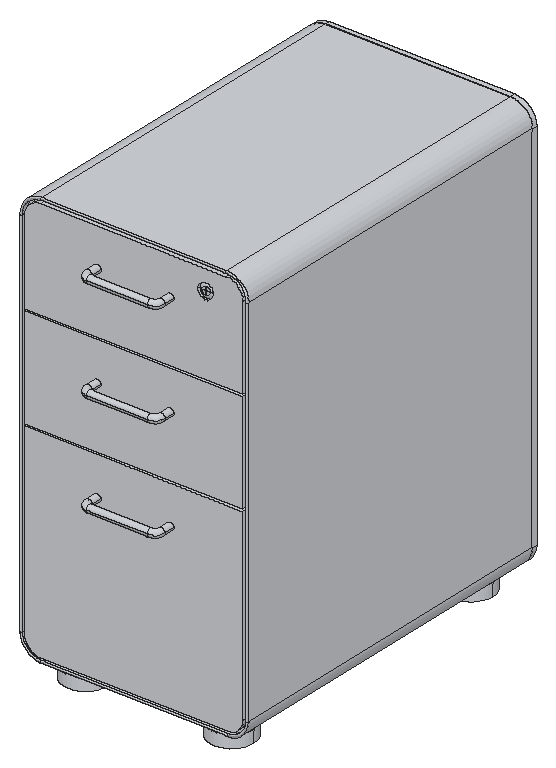
Revit family "SlimStow_RFA", category Furniture, Revit 2015
Parameters (values of type "Poppin Slim Stow 12.5" x 24" x 20"")
  Width = 317.5 mm
  URL = "http://www.poppin.com"
  Manufacturer = "Poppin, Inc."
  Metal Hardware = none
  Height = 609.6 mm
  Glides = none
  Shell = none
  Description = "Slim Stow 3-Drawer File Cabinet"
  Depth = 508 mm
  Drawers = none
  Copyright = "Copyright © Poppin, Inc."
Reference planes
  plane 1 "Center (Front/Back)": y = 0
  plane 2: z = 0
  plane 3 "Center (Left/Right)": x = 0
Forms (mm)
  Extrusion 1, solid, material <- "Drawers", not visible
    sketch origin (0, 0, 0) x (1, 0, 0) y (0, 0, 1)
      loop
        arc (-639.494, 711.211) -> (-652.965, 705.631) -> (-658.544, 692.161) r 19.05
        line (-658.544, 692.161) -> (-658.544, 127)
        arc (-658.544, 127) -> (-652.965, 113.53) -> (-639.494, 107.95) r 19.05
        line (-639.494, 107.95) -> (644.359, 107.95)
        arc (644.359, 107.95) -> (656.996, 113.184) -> (662.23, 125.822) r 17.872
        line (662.23, 125.822) -> (662.23, 693.36)
        arc (662.23, 693.36) -> (657.002, 705.982) -> (644.379, 711.211) r 17.851
        line (644.379, 711.211) -> (-639.494, 711.211)
      loop
        arc (649.53, 693.36) -> (648.021, 697.002) -> (644.379, 698.511) r 5.151
        line (644.379, 698.511) -> (-639.494, 698.511)
        arc (-639.494, 698.511) -> (-643.985, 696.651) -> (-645.844, 692.161) r 6.35
        line (-645.844, 692.161) -> (-645.844, 127)
        arc (-645.844, 127) -> (-643.985, 122.51) -> (-639.494, 120.65) r 6.35
        line (-639.494, 120.65) -> (644.359, 120.65)
        arc (644.359, 120.65) -> (648.015, 122.165) -> (649.53, 125.822) r 5.172
        line (649.53, 125.822) -> (649.53, 693.36)
    from -210.402 to 209.048
  Extrusion 2, solid, material <- "Drawers", not visible
    sketch origin (0, 0, 0) x (1, 0, 0) y (0, 0, 1)
      loop
        line (644.379, 711.211) -> (-639.494, 711.211)
        arc (-639.494, 711.211) -> (-652.965, 705.631) -> (-658.544, 692.161) r 19.05
        line (-658.544, 692.161) -> (-658.544, 127)
        arc (-658.544, 127) -> (-652.965, 113.53) -> (-639.494, 107.95) r 19.05
        line (-639.494, 107.95) -> (644.359, 107.95)
        arc (644.359, 107.95) -> (656.996, 113.184) -> (662.23, 125.822) r 17.872
        line (662.23, 125.822) -> (662.23, 693.36)
        arc (662.23, 693.36) -> (657.002, 705.982) -> (644.379, 711.211) r 17.851
      loop
        circle (-491.832, 571.643) r 25.4
      loop
        circle (-161.632, 571.643) r 25.4
      loop
        circle (-491.832, 241.443) r 25.4
      loop
        circle (-161.632, 241.443) r 25.4
      loop
        circle (165.393, 241.443) r 25.4
      loop
        circle (495.593, 241.443) r 25.4
      loop
        circle (165.393, 571.643) r 25.4
      loop
        circle (495.593, 571.643) r 25.4
    from -222.752 to -210.402
  Extrusion 3, solid, material <- "Drawers", not visible
    sketch origin (0, 0, 0) x (1, 0, 0) y (0, 0, 1)
      loop
        line (-7.493, 692.15) -> (-7.493, 127) -> (11.557, 127) -> (11.557, 692.15) -> (-7.493, 692.15)
    from -210.402 to 210.048
  Extrusion 4, solid, material <- "Drawers", not visible
    sketch origin (0, 0, 0) x (1, 0, 0) y (0, 0, 1)
      loop
        line (-637.818, 419.1) -> (-637.818, 400.05) -> (-8.993, 400.05) -> (-8.993, 419.1) -> (-637.818, 419.1)
      loop
        line (13.057, 419.1) -> (13.057, 400.05) -> (641.882, 400.05) -> (641.882, 419.1) -> (13.057, 419.1)
    from -194.527 to 203.059
  Revolve 5, void, not visible
    sketch origin (-621.238, 0, 711.211) x (1, 0, 0) y (0, 1, 0)
      loop
        arc (470.63, -200.16) -> (463.6, -203.05) -> (460.635, -210.048) r 9.996
        line (460.635, -210.048) -> (784.16, -210.048)
        arc (784.16, -210.048) -> (781.195, -203.05) -> (774.165, -200.16) r 9.996
        line (774.165, -200.16) -> (470.63, -200.16)
      axis (460.635, -210.048) -> (784.16, -210.048)
    angle from 0 to 90
  Extrusion 6, solid, material <- "Shell"
    sketch origin (0, 0, 0) x (1, 0, 0) y (0, 0, 1)
      loop
        arc (-132.328, 612.1) -> (-153.525, 603.32) -> (-162.305, 582.123) r 29.977
        line (-162.305, 582.123) -> (-162.305, 57.226)
        arc (-162.305, 57.226) -> (-153.482, 35.924) -> (-132.179, 27.1) r 30.126
        line (-132.179, 27.1) -> (129.761, 27.1)
        arc (129.761, 27.1) -> (149.513, 35.282) -> (157.695, 55.034) r 27.934
        line (157.695, 55.034) -> (157.695, 581.982)
        arc (157.695, 581.982) -> (148.873, 603.279) -> (127.577, 612.1) r 30.118
        line (127.577, 612.1) -> (-132.328, 612.1)
      loop
        arc (-156.205, 57.226) -> (-149.168, 40.237) -> (-132.179, 33.2) r 24.026
        line (-132.179, 33.2) -> (129.761, 33.2)
        arc (129.761, 33.2) -> (145.2, 39.595) -> (151.595, 55.034) r 21.834
        line (151.595, 55.034) -> (151.595, 581.982)
        arc (151.595, 581.982) -> (144.56, 598.965) -> (127.577, 606) r 24.018
        line (127.577, 606) -> (-132.328, 606)
        arc (-132.328, 606) -> (-149.212, 599.006) -> (-156.205, 582.123) r 23.877
        line (-156.205, 582.123) -> (-156.205, 57.226)
    from -251.043 to 248.932
  Extrusion 7, solid, material <- "Shell"
    sketch origin (0, 0, 0) x (1, 0, 0) y (0, 0, 1)
      loop
        line (157.695, 55.034) -> (157.695, 581.982)
        arc (157.695, 581.982) -> (148.873, 603.279) -> (127.577, 612.1) r 30.118
        line (127.577, 612.1) -> (-132.328, 612.1)
        arc (-132.328, 612.1) -> (-153.525, 603.32) -> (-162.305, 582.123) r 29.977
        line (-162.305, 582.123) -> (-162.305, 57.226)
        arc (-162.305, 57.226) -> (-153.482, 35.924) -> (-132.179, 27.1) r 30.126
        line (-132.179, 27.1) -> (129.761, 27.1)
        arc (129.761, 27.1) -> (149.513, 35.282) -> (157.695, 55.034) r 27.934
    from -258.131 to -251.043
  Extrusion 8, solid, material <- "Glides"
    sketch origin (0, 0, 0) x (1, 0, 0) y (0, 1, 0)
      loop
        circle (-104.996, -204.906) r 30.773
      loop
        circle (100.395, -204.906) r 30.773
      loop
        circle (-104.996, 215.012) r 30.773
      loop
        circle (100.316, 215.012) r 30.773
    from 0 to 17.3
  Revolve 9, solid, material <- "Metal Hardware"
    sketch origin (0.103, -204.906, 0) x (1, 0, 0) y (0, 0, 1)
      loop
        line (-101.305, 44.8) -> (-105.099, 44.8) -> (-105.099, 4.045)
        arc (-105.099, 4.045) -> (-98.066, 8.949) -> (-100.011, 17.3) r 7.644
        line (-100.011, 17.3) -> (-100.011, 39.97) -> (-101.305, 44.8)
      axis (-105.099, 44.8) -> (-105.099, 4.045)
    angle from 0 to 360
  Revolve 10, solid, material <- "Metal Hardware"
    sketch origin (205.494, -204.906, 0) x (1, 0, 0) y (0, 0, 1)
      loop
        line (-101.305, 44.8) -> (-105.099, 44.8) -> (-105.099, 4.045)
        arc (-105.099, 4.045) -> (-98.066, 8.949) -> (-100.011, 17.3) r 7.644
        line (-100.011, 17.3) -> (-100.011, 39.97) -> (-101.305, 44.8)
      axis (-105.099, 44.8) -> (-105.099, 4.045)
    angle from 0 to 360
  Revolve 11, solid, material <- "Metal Hardware"
    sketch origin (205.416, 215.012, 0) x (1, 0, 0) y (0, 0, 1)
      loop
        line (-101.305, 44.8) -> (-105.099, 44.8) -> (-105.099, 4.045)
        arc (-105.099, 4.045) -> (-98.066, 8.949) -> (-100.011, 17.3) r 7.644
        line (-100.011, 17.3) -> (-100.011, 39.97) -> (-101.305, 44.8)
      axis (-105.099, 44.8) -> (-105.099, 4.045)
    angle from 0 to 360
  Revolve 12, solid, material <- "Metal Hardware"
    sketch origin (0.103, 215.012, 0) x (1, 0, 0) y (0, 0, 1)
      loop
        line (-101.305, 44.8) -> (-105.099, 44.8) -> (-105.099, 4.045)
        arc (-105.099, 4.045) -> (-98.066, 8.949) -> (-100.011, 17.3) r 7.644
        line (-100.011, 17.3) -> (-100.011, 39.97) -> (-101.305, 44.8)
      axis (-105.099, 44.8) -> (-105.099, 4.045)
    angle from 0 to 360
  Extrusion 13, solid, material <- "Drawers"
    sketch origin (0, 0, 0) x (1, 0, 0) y (0, 0, 1)
      loop
        line (152.195, 58.074) -> (152.195, 318.025) -> (-156.205, 318.025) -> (-156.205, 57.109)
        arc (-156.205, 57.109) -> (-149.203, 40.203) -> (-132.296, 33.2) r 23.909
        line (-132.296, 33.2) -> (127.321, 33.2)
        arc (127.321, 33.2) -> (144.909, 40.485) -> (152.195, 58.074) r 24.874
      loop
        arc (151.595, 581.948) -> (144.55, 598.955) -> (127.542, 606) r 24.052
        line (127.542, 606) -> (-132.411, 606)
        arc (-132.411, 606) -> (-149.236, 599.031) -> (-156.205, 582.206) r 23.794
        line (-156.205, 582.206) -> (-156.205, 465.3) -> (151.595, 465.3) -> (151.595, 581.948)
      loop
        line (-156.205, 321) -> (151.595, 321) -> (151.595, 462.219) -> (-156.205, 462.219) -> (-156.205, 321)
      loop
        circle (99.068, 576.943) r 10.947
    from 223.957 to 248.932
  Sweep 14, solid, material <- "Drawers"
    path origin (0, 0, 263.177) x (1, 0, 0) y (0, 1, 0)
      loop
        line (-53.605, -242.957) -> (-53.605, -264.457)
        arc (-53.605, -264.457) -> (-51.116, -270.468) -> (-45.105, -272.957) r 8.5
        line (-45.105, -272.957) -> (40.395, -272.957)
        arc (40.395, -272.957) -> (46.405, -270.468) -> (48.895, -264.457) r 8.5
        line (48.895, -264.457) -> (48.895, -242.957)
    profile origin (-53.605, -253.707, 263.177) x (1, 0, 0) y (0, 0, 1)
      loop
        circle (0, 0) r 5
  Sweep 15, solid, material <- "Drawers"
    path origin (0, 0, 407.239) x (1, 0, 0) y (0, 1, 0)
      loop
        line (-53.605, -242.957) -> (-53.605, -264.457)
        arc (-53.605, -264.457) -> (-51.116, -270.468) -> (-45.105, -272.957) r 8.5
        line (-45.105, -272.957) -> (40.395, -272.957)
        arc (40.395, -272.957) -> (46.405, -270.468) -> (48.895, -264.457) r 8.5
        line (48.895, -264.457) -> (48.895, -242.957)
    profile origin (-53.605, -253.707, 407.239) x (1, 0, 0) y (0, 0, 1)
      loop
        circle (0, 0) r 5
  Sweep 16, solid, material <- "Drawers"
    path origin (0, 0, 551.614) x (1, 0, 0) y (0, 1, 0)
      loop
        line (-53.605, -242.957) -> (-53.605, -264.457)
        arc (-53.605, -264.457) -> (-51.116, -270.468) -> (-45.105, -272.957) r 8.5
        line (-45.105, -272.957) -> (40.395, -272.957)
        arc (40.395, -272.957) -> (46.405, -270.468) -> (48.895, -264.457) r 8.5
        line (48.895, -264.457) -> (48.895, -242.957)
    profile origin (-53.605, -253.707, 551.614) x (1, 0, 0) y (0, 0, 1)
      loop
        circle (0, 0) r 5
  Extrusion 17, solid, material <- "Drawers", not visible
    sketch origin (0, 0, 0) x (1, 0, 0) y (0, 0, 1)
      loop
        line (152.195, 58.074) -> (152.195, 318.025) -> (-156.205, 318.025) -> (-156.205, 57.109)
        arc (-156.205, 57.109) -> (-149.203, 40.203) -> (-132.296, 33.2) r 23.909
        line (-132.296, 33.2) -> (127.321, 33.2)
        arc (127.321, 33.2) -> (144.909, 40.485) -> (152.195, 58.074) r 24.874
      loop
        arc (151.595, 581.948) -> (144.55, 598.955) -> (127.542, 606) r 24.052
        line (127.542, 606) -> (-132.411, 606)
        arc (-132.411, 606) -> (-149.236, 599.031) -> (-156.205, 582.206) r 23.794
        line (-156.205, 582.206) -> (-156.205, 465.3) -> (151.595, 465.3) -> (151.595, 581.948)
      loop
        line (-156.205, 321) -> (151.595, 321) -> (151.595, 462.219) -> (-156.205, 462.219) -> (-156.205, 321)
      loop
        circle (99.068, 576.943) r 10.947
    from 223.957 to 248.932
  Sweep 18, solid, material <- "Drawers", not visible
    path origin (0, 0, 263.177) x (1, 0, 0) y (0, 1, 0)
      loop
        line (-53.605, -242.957) -> (-53.605, -264.457)
        arc (-53.605, -264.457) -> (-51.116, -270.468) -> (-45.105, -272.957) r 8.5
        line (-45.105, -272.957) -> (40.395, -272.957)
        arc (40.395, -272.957) -> (46.405, -270.468) -> (48.895, -264.457) r 8.5
        line (48.895, -264.457) -> (48.895, -242.957)
    profile origin (-53.605, -253.707, 263.177) x (1, 0, 0) y (0, 0, 1)
      loop
        circle (0, 0) r 5
  Sweep 19, solid, material <- "Drawers", not visible
    path origin (0, 0, 407.239) x (1, 0, 0) y (0, 1, 0)
      loop
        line (-53.605, -242.957) -> (-53.605, -264.457)
        arc (-53.605, -264.457) -> (-51.116, -270.468) -> (-45.105, -272.957) r 8.5
        line (-45.105, -272.957) -> (40.395, -272.957)
        arc (40.395, -272.957) -> (46.405, -270.468) -> (48.895, -264.457) r 8.5
        line (48.895, -264.457) -> (48.895, -242.957)
    profile origin (-53.605, -253.707, 407.239) x (1, 0, 0) y (0, 0, 1)
      loop
        circle (0, 0) r 5
  Sweep 20, solid, material <- "Drawers", not visible
    path origin (0, 0, 551.614) x (1, 0, 0) y (0, 1, 0)
      loop
        line (-53.605, -242.957) -> (-53.605, -264.457)
        arc (-53.605, -264.457) -> (-51.116, -270.468) -> (-45.105, -272.957) r 8.5
        line (-45.105, -272.957) -> (40.395, -272.957)
        arc (40.395, -272.957) -> (46.405, -270.468) -> (48.895, -264.457) r 8.5
        line (48.895, -264.457) -> (48.895, -242.957)
    profile origin (-53.605, -253.707, 551.614) x (1, 0, 0) y (0, 0, 1)
      loop
        circle (0, 0) r 5
  Extrusion 21, solid, material <- "Shell", not visible
    sketch origin (0, 0, 0) x (1, 0, 0) y (0, 0, 1)
      loop
        arc (-132.328, 612.1) -> (-153.525, 603.32) -> (-162.305, 582.123) r 29.977
        line (-162.305, 582.123) -> (-162.305, 57.226)
        arc (-162.305, 57.226) -> (-153.482, 35.924) -> (-132.179, 27.1) r 30.126
        line (-132.179, 27.1) -> (129.761, 27.1)
        arc (129.761, 27.1) -> (149.513, 35.282) -> (157.695, 55.034) r 27.934
        line (157.695, 55.034) -> (157.695, 581.982)
        arc (157.695, 581.982) -> (148.873, 603.279) -> (127.577, 612.1) r 30.118
        line (127.577, 612.1) -> (-132.328, 612.1)
      loop
        arc (-156.205, 57.226) -> (-149.168, 40.237) -> (-132.179, 33.2) r 24.026
        line (-132.179, 33.2) -> (129.761, 33.2)
        arc (129.761, 33.2) -> (145.2, 39.595) -> (151.595, 55.034) r 21.834
        line (151.595, 55.034) -> (151.595, 581.982)
        arc (151.595, 581.982) -> (144.56, 598.965) -> (127.577, 606) r 24.018
        line (127.577, 606) -> (-132.328, 606)
        arc (-132.328, 606) -> (-149.212, 599.006) -> (-156.205, 582.123) r 23.877
        line (-156.205, 582.123) -> (-156.205, 57.226)
    from -251.043 to 248.932
  Extrusion 22, solid, material <- "Shell", not visible
    sketch origin (0, 0, 0) x (1, 0, 0) y (0, 0, 1)
      loop
        line (157.695, 55.034) -> (157.695, 581.982)
        arc (157.695, 581.982) -> (148.873, 603.279) -> (127.577, 612.1) r 30.118
        line (127.577, 612.1) -> (-132.328, 612.1)
        arc (-132.328, 612.1) -> (-153.525, 603.32) -> (-162.305, 582.123) r 29.977
        line (-162.305, 582.123) -> (-162.305, 57.226)
        arc (-162.305, 57.226) -> (-153.482, 35.924) -> (-132.179, 27.1) r 30.126
        line (-132.179, 27.1) -> (129.761, 27.1)
        arc (129.761, 27.1) -> (149.513, 35.282) -> (157.695, 55.034) r 27.934
    from -258.131 to -251.043
  Revolve 23, solid, material <- "Metal Hardware"
    sketch origin (0, 0, 576.989) x (1, 0, 0) y (0, 1, 0)
      loop
        line (99.195, -190.757) -> (99.195, -247.957) -> (105.425, -247.957)
        arc (105.425, -247.957) -> (108.659, -246.618) -> (109.998, -243.384) r 4.573
        line (109.998, -243.384) -> (109.998, -226.757) -> (102.2, -226.757) -> (102.2, -190.757) -> (99.195, -190.757)
      axis (99.195, -190.757) -> (99.195, -247.957)
    angle from 0 to 360
  Extrusion 24, void
    sketch origin (0, -248.932, 0) x (1, 0, 0) y (0, 0, 1)
      loop
        line (98.195, 581.98) -> (98.195, 571.98) -> (100.195, 571.98) -> (100.195, 581.98) -> (98.195, 581.98)
    from -5.573 to 19.14
  Sweep 25, void
    path in 3D
      loop
        arc (-132.328, -248.932, 612.1) -> (-153.525, -248.932, 603.32) -> (-162.305, -248.932, 582.123) r 29.977
        line (-162.305, -248.932, 582.123) -> (-162.305, -248.932, 57.226)
        arc (-162.305, -248.932, 57.226) -> (-153.482, -248.932, 35.924) -> (-132.179, -248.932, 27.1) r 30.126
        line (-132.179, -248.932, 27.1) -> (129.761, -248.932, 27.1)
        arc (129.761, -248.932, 27.1) -> (149.513, -248.932, 35.282) -> (157.695, -248.932, 55.034) r 27.934
        line (157.695, -248.932, 55.034) -> (157.695, -248.932, 581.982)
        arc (157.695, -248.932, 581.982) -> (148.873, -248.932, 603.279) -> (127.577, -248.932, 612.1) r 30.118
        line (127.577, -248.932, 612.1) -> (-132.328, -248.932, 612.1)
    profile origin (-2.376, -248.932, 612.1) x (0, -1, 0) y (0, 0, 1)
      loop
        line (-7.975, -2.6) -> (-7.975, -6.811) -> (0.532, -6.811) -> (0.532, 0) -> (-1.356, 0)
        arc (-1.356, 0) -> (-0.056, -1.3) -> (-1.356, -2.6) r 1.3
        line (-1.356, -2.6) -> (-7.975, -2.6)
  Revolve 26, solid, material <- "Metal Hardware", not visible
    sketch origin (0.103, -204.906, 0) x (1, 0, 0) y (0, 0, 1)
      loop
        line (-101.305, 44.8) -> (-105.099, 44.8) -> (-105.099, 4.045)
        arc (-105.099, 4.045) -> (-98.066, 8.949) -> (-100.011, 17.3) r 7.644
        line (-100.011, 17.3) -> (-100.011, 39.97) -> (-101.305, 44.8)
      axis (-105.099, 44.8) -> (-105.099, 4.045)
    angle from 0 to 360
  Revolve 27, solid, material <- "Metal Hardware", not visible
    sketch origin (205.494, -204.906, 0) x (1, 0, 0) y (0, 0, 1)
      loop
        line (-101.305, 44.8) -> (-105.099, 44.8) -> (-105.099, 4.045)
        arc (-105.099, 4.045) -> (-98.066, 8.949) -> (-100.011, 17.3) r 7.644
        line (-100.011, 17.3) -> (-100.011, 39.97) -> (-101.305, 44.8)
      axis (-105.099, 44.8) -> (-105.099, 4.045)
    angle from 0 to 360
  Revolve 28, solid, material <- "Metal Hardware", not visible
    sketch origin (205.416, 215.012, 0) x (1, 0, 0) y (0, 0, 1)
      loop
        line (-101.305, 44.8) -> (-105.099, 44.8) -> (-105.099, 4.045)
        arc (-105.099, 4.045) -> (-98.066, 8.949) -> (-100.011, 17.3) r 7.644
        line (-100.011, 17.3) -> (-100.011, 39.97) -> (-101.305, 44.8)
      axis (-105.099, 44.8) -> (-105.099, 4.045)
    angle from 0 to 360
  Revolve 29, solid, material <- "Metal Hardware", not visible
    sketch origin (0.103, 215.012, 0) x (1, 0, 0) y (0, 0, 1)
      loop
        line (-101.305, 44.8) -> (-105.099, 44.8) -> (-105.099, 4.045)
        arc (-105.099, 4.045) -> (-98.066, 8.949) -> (-100.011, 17.3) r 7.644
        line (-100.011, 17.3) -> (-100.011, 39.97) -> (-101.305, 44.8)
      axis (-105.099, 44.8) -> (-105.099, 4.045)
    angle from 0 to 360
  Revolve 30, solid, material <- "Metal Hardware", not visible
    sketch origin (0, 0, 576.989) x (1, 0, 0) y (0, 1, 0)
      loop
        line (99.195, -190.757) -> (99.195, -247.957) -> (105.425, -247.957)
        arc (105.425, -247.957) -> (108.659, -246.618) -> (109.998, -243.384) r 4.573
        line (109.998, -243.384) -> (109.998, -226.757) -> (102.2, -226.757) -> (102.2, -190.757) -> (99.195, -190.757)
      axis (99.195, -190.757) -> (99.195, -247.957)
    angle from 0 to 360
Cuts and joins
  Sweep 25 cuts Extrusion 13
  Sweep 25 cuts Sweep 14
  Sweep 25 cuts Sweep 15
  Sweep 25 cuts Sweep 16
  joined: Extrusion 13, Sweep 14, Sweep 15, Sweep 16
  Extrusion 24 cuts Revolve 23
  Sweep 25 cuts Extrusion 6
Lines and regions (mm)
  sketch lines
    curve 1: line (127.577, -248.932, 612.1) -> (-132.328, -248.932, 612.1)
    curve 2: arc (-162.305, -248.932, 582.123) -> (-153.525, -248.932, 603.32) -> (-132.328, -248.932, 612.1) r 29.977
    curve 3: line (-162.305, -248.932, 582.123) -> (-162.305, -248.932, 57.226)
    curve 4: arc (127.577, -248.932, 612.1) -> (148.873, -248.932, 603.279) -> (157.695, -248.932, 581.982) r 30.118
    curve 5: line (157.695, -248.932, 55.034) -> (157.695, -248.932, 581.982)
    curve 6: line (-132.179, -248.932, 27.1) -> (129.761, -248.932, 27.1)
    curve 7: arc (-132.179, -248.932, 27.1) -> (-153.482, -248.932, 35.924) -> (-162.305, -248.932, 57.226) r 30.126
    curve 8: arc (157.695, -248.932, 55.034) -> (149.513, -248.932, 35.282) -> (129.761, -248.932, 27.1) r 27.934
Dimensions and locks
  aligned and locked: level to plane 2
  aligned and locked: Extrusion 2 sketch curve to Extrusion 1  (x8)
